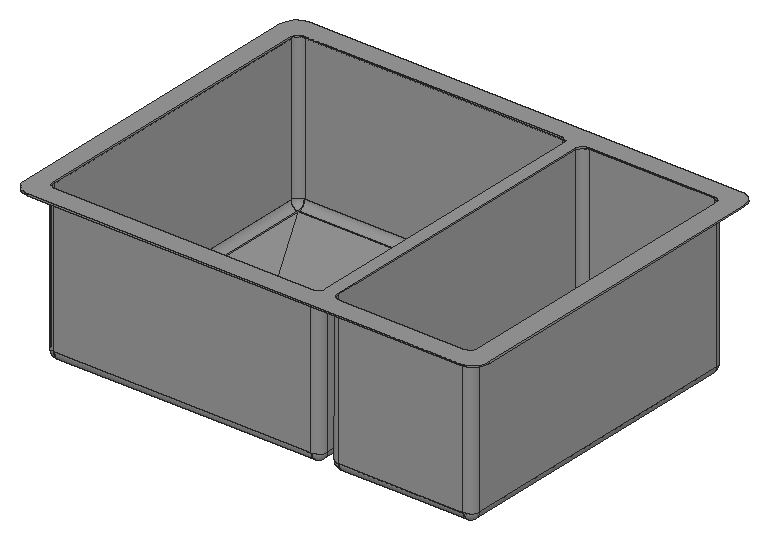
Revit family "BUILDMAT-SNGM010-Clara-595-Gunmetal", category Plumbing Fixtures, host Face, Revit 2020
Family settings
  Host = Face
  Round Connector Dimension = Use Diameter
  Part Type = Normal
  Cut with Voids When Loaded = No
  Shared = No
  Room Calculation Point = No
Parameters (values of type "Clara 595x450x205mm")
  Width 2 = 180.0 mm
  Width 1 = 350.0 mm
  Undermount [instance] = 20.0 mm
  URL = "https://www.buildmat.com.au/products/clara-595x450-single-mini-bowl-sink"
  Sound Pad 2 = no
  Sound Pad 1 = yes
  Model = "SNA00010"  # constant formula
  Material = BUILDMAT Gunmetal
  Manufacturer URL = "https://www.buildmat.com.au/"
  Manufacturer = "BUILDMAT"  # constant formula
  Length = 400.0 mm
  Gap = 15.0 mm
  Drain Sound Pad 2 = no
  Drain Sound Pad 1 = yes
  Description = "BUILDMAT - Clara 595x450 Single & Mini Bowl Sink"  # constant formula
  Depth = 205.0 mm
  Default Elevation = 1200.0 mm
  D. S. Pad 2 = 75.0 mm
  D. S. Pad 1 = 230.0 mm
  D. Bracket 4 = 100.0 mm
  D. Bracket 3 = 25.0 mm
  D. Bracket 2 = 30.0 mm
  D. Bracket 1 = 100.0 mm
  Created By URL = "https://www.buildmat.com.au/"
  Created By = "BUILDMAT"  # constant formula
  Created = "22.06.2022"  # constant formula
  Bracket 4 = yes
  Bracket 3 = no
  Bracket 2 = yes
  Bracket 1 = yes
Reference planes
  plane 1 "Center (Front/Back)": y = 0
  plane 2: z = 0
  plane 3 "Center (Left/Right)": x = 0
  plane 4: x = -7.5
  plane 5: x = 7.5
  plane 6: x = -357.5
  plane 7: x = 187.5
  plane 8: y = -200
  plane 9: y = 200
  plane 10: x = -382.5
  plane 11: x = 212.5
  plane 12: y = -225
  plane 13: y = 225
  plane 14: x = 97.5
  plane 15: x = -182.5
  plane 16: y = 190
  plane 17: y = -190
  plane 18: x = -347.5
  plane 19: x = -17.5
  plane 20: x = 17.5
  plane 21: x = 177.5
  plane 22: y = 201.5
  plane 23: y = -201.5
  plane 24: x = -359
  plane 25: x = -6
  plane 26: x = 6
  plane 27: x = 189
  plane 28: x = -239.5
  plane 29: x = -125.5
  plane 30: x = -137.5
  plane 31: x = -227.5
  plane 32: x = 40.5
  plane 33: x = 52.5
  plane 34: x = 142.5
  plane 35: x = 154.5
  plane 36 "Sound Pad 1": x = -127.5
  plane 37 "Sound Pad 2": x = 112.5
  plane 38 "Top Substrate": z = -20
  plane 39: z = -18.5
  plane 40 "Bottom Void": z = -225
  plane 41: z = -215
  plane 42: z = -205
  plane 43: z = -220
  plane 44: z = -221.481
  plane 45: z = -216.5
  plane 46 "Sound Pad": z = -125
  plane 47 "Bracket 1": x = -257.5
  plane 48 "Bracket 2": x = -37.5
  plane 49 "Bracket 3": x = 32.5
  plane 50 "Bracket 4": x = 87.5
  plane 51: y = 100
  plane 52: y = -100
  plane 53: x = -282.5
  plane 54: x = -82.5
  plane 55: x = -2.5
  plane 56: x = 197.5
  plane 57: z = -185
  plane 58: z = -165
Forms (mm)
  Extrusion 1, void
    sketch origin (0, 0, 0) x (1, 0, 0) y (0, 1, 0)
      loop
        arc (-347.5, 200) -> (-354.571, 197.071) -> (-357.5, 190) r 10
        line (-357.5, 190) -> (-357.5, -190)
        arc (-357.5, -190) -> (-354.571, -197.071) -> (-347.5, -200) r 10
        line (-347.5, -200) -> (177.5, -200)
        arc (177.5, -200) -> (184.571, -197.071) -> (187.5, -190) r 10
        line (187.5, -190) -> (187.5, 190)
        arc (187.5, 190) -> (184.571, 197.071) -> (177.5, 200) r 10
        line (177.5, 200) -> (-347.5, 200)
    from 0 to -18.5
  Extrusion 2, void
    sketch origin (0, 0, 0) x (1, 0, 0) y (0, 1, 0)
      loop
        arc (-362.5, 225) -> (-376.642, 219.142) -> (-382.5, 205) r 20
        line (-382.5, 205) -> (-382.5, -205)
        arc (-382.5, -205) -> (-376.642, -219.142) -> (-362.5, -225) r 20
        line (-362.5, -225) -> (192.5, -225)
        arc (192.5, -225) -> (206.642, -219.142) -> (212.5, -205) r 20
        line (212.5, -205) -> (212.5, 205)
        arc (212.5, 205) -> (206.642, 219.142) -> (192.5, 225) r 20
        line (192.5, 225) -> (-362.5, 225)
    from -20 to -18.5
  Extrusion 3, void
    sketch origin (0, 0, 0) x (1, 0, 0) y (0, 1, 0)
      loop
        line (-359, 201.5) -> (-359, -201.5) -> (189, -201.5) -> (189, 201.5) -> (-359, 201.5)
    from -225 to -20
  Extrusion 4, solid, material "BUILDMAT Gunmetal" <- "Material"
    sketch origin (0, 0, -20) x (-1, 0, 0) y (0, -1, 0)
      loop
        arc (362.5, -225) -> (376.642, -219.142) -> (382.5, -205) r 20
        line (382.5, -205) -> (382.5, 205)
        arc (382.5, 205) -> (376.642, 219.142) -> (362.5, 225) r 20
        line (362.5, 225) -> (-192.5, 225)
        arc (-192.5, 225) -> (-206.642, 219.142) -> (-212.5, 205) r 20
        line (-212.5, 205) -> (-212.5, -205)
        arc (-212.5, -205) -> (-206.642, -219.142) -> (-192.5, -225) r 20
        line (-192.5, -225) -> (362.5, -225)
      loop
        arc (347.5, -200) -> (354.571, -197.071) -> (357.5, -190) r 10
        line (357.5, -190) -> (357.5, 190)
        arc (357.5, 190) -> (354.571, 197.071) -> (347.5, 200) r 10
        line (347.5, 200) -> (17.5, 200)
        arc (17.5, 200) -> (10.429, 197.071) -> (7.5, 190) r 10
        line (7.5, 190) -> (7.5, -190)
        arc (7.5, -190) -> (10.429, -197.071) -> (17.5, -200) r 10
        line (17.5, -200) -> (347.5, -200)
      loop
        line (-7.5, -190) -> (-7.5, 190)
        arc (-7.5, 190) -> (-10.429, 197.071) -> (-17.5, 200) r 10
        line (-17.5, 200) -> (-177.5, 200)
        arc (-177.5, 200) -> (-184.571, 197.071) -> (-187.5, 190) r 10
        line (-187.5, 190) -> (-187.5, -190)
        arc (-187.5, -190) -> (-184.571, -197.071) -> (-177.5, -200) r 10
        line (-177.5, -200) -> (-17.5, -200)
        arc (-17.5, -200) -> (-10.429, -197.071) -> (-7.5, -190) r 10
    from 0 to 1.5
  Extrusion 5, solid, material "BUILDMAT Gunmetal" <- "Material"
    sketch origin (0, 0, -20) x (-1, 0, 0) y (0, -1, 0)
      loop
        arc (347.5, -200) -> (354.571, -197.071) -> (357.5, -190) r 10
        line (357.5, -190) -> (357.5, 190)
        arc (357.5, 190) -> (354.571, 197.071) -> (347.5, 200) r 10
        line (347.5, 200) -> (17.5, 200)
        arc (17.5, 200) -> (10.429, 197.071) -> (7.5, 190) r 10
        line (7.5, 190) -> (7.5, -190)
        arc (7.5, -190) -> (10.429, -197.071) -> (17.5, -200) r 10
        line (17.5, -200) -> (347.5, -200)
      loop
        arc (347.5, -201.5) -> (355.632, -198.132) -> (359, -190) r 11.5
        line (359, -190) -> (359, 190)
        arc (359, 190) -> (355.632, 198.132) -> (347.5, 201.5) r 11.5
        line (347.5, 201.5) -> (17.5, 201.5)
        arc (17.5, 201.5) -> (9.368, 198.132) -> (6, 190) r 11.5
        line (6, 190) -> (6, -190)
        arc (6, -190) -> (9.368, -198.132) -> (17.5, -201.5) r 11.5
        line (17.5, -201.5) -> (347.5, -201.5)
    from 0 to -185
  Extrusion 6, solid, material "BUILDMAT Gunmetal" <- "Material"
    sketch origin (0, 0, -20) x (-1, 0, 0) y (0, -1, 0)
      loop
        arc (-17.5, -200) -> (-10.429, -197.071) -> (-7.5, -190) r 10
        line (-7.5, -190) -> (-7.5, 190)
        arc (-7.5, 190) -> (-10.429, 197.071) -> (-17.5, 200) r 10
        line (-17.5, 200) -> (-177.5, 200)
        arc (-177.5, 200) -> (-184.571, 197.071) -> (-187.5, 190) r 10
        line (-187.5, 190) -> (-187.5, -190)
        arc (-187.5, -190) -> (-184.571, -197.071) -> (-177.5, -200) r 10
        line (-177.5, -200) -> (-17.5, -200)
      loop
        line (-6, -190) -> (-6, 190)
        arc (-6, 190) -> (-9.368, 198.132) -> (-17.5, 201.5) r 11.5
        line (-17.5, 201.5) -> (-177.5, 201.5)
        arc (-177.5, 201.5) -> (-185.632, 198.132) -> (-189, 190) r 11.5
        line (-189, 190) -> (-189, -190)
        arc (-189, -190) -> (-185.632, -198.132) -> (-177.5, -201.5) r 11.5
        line (-177.5, -201.5) -> (-17.5, -201.5)
        arc (-17.5, -201.5) -> (-9.368, -198.132) -> (-6, -190) r 11.5
    from 0 to -185
  Extrusion 7, solid, material "BUILDMAT Gunmetal" <- "Material"
    sketch origin (0, 0, 0) x (1, 0, 0) y (0, 0, 1)
      loop
        line (-357.5, -205) -> (-359, -205)
        arc (-359, -205) -> (-355.632, -213.132) -> (-347.5, -216.5) r 11.5
        line (-347.5, -216.5) -> (-347.5, -215)
        arc (-347.5, -215) -> (-354.571, -212.071) -> (-357.5, -205) r 10
    from -190 to 190
  Extrusion 8, solid, material "BUILDMAT Gunmetal" <- "Material"
    sketch origin (0, 0, 0) x (1, 0, 0) y (0, 0, 1)
      loop
        arc (-7.5, -205) -> (-10.429, -212.071) -> (-17.5, -215) r 10
        line (-17.5, -215) -> (-17.5, -216.5)
        arc (-17.5, -216.5) -> (-9.368, -213.132) -> (-6, -205) r 11.5
        line (-6, -205) -> (-7.5, -205)
    from -190 to 190
  Extrusion 9, solid, material "BUILDMAT Gunmetal" <- "Material"
    sketch origin (0, 0, 0) x (1, 0, 0) y (0, 0, 1)
      loop
        line (7.5, -205) -> (6, -205)
        arc (6, -205) -> (9.368, -213.132) -> (17.5, -216.5) r 11.5
        line (17.5, -216.5) -> (17.5, -215)
        arc (17.5, -215) -> (10.429, -212.071) -> (7.5, -205) r 10
    from -190 to 190
  Extrusion 10, solid, material "BUILDMAT Gunmetal" <- "Material"
    sketch origin (0, 0, 0) x (1, 0, 0) y (0, 0, 1)
      loop
        arc (187.5, -205) -> (184.571, -212.071) -> (177.5, -215) r 10
        line (177.5, -215) -> (177.5, -216.5)
        arc (177.5, -216.5) -> (185.632, -213.132) -> (189, -205) r 11.5
        line (189, -205) -> (187.5, -205)
    from -190 to 190
  Extrusion 11, solid, material "BUILDMAT Gunmetal" <- "Material"
    sketch origin (0, 0, 0) x (0, 1, 0) y (0, 0, 1)
      loop
        line (201.5, -205) -> (200, -205)
        arc (200, -205) -> (197.071, -212.071) -> (190, -215) r 10
        line (190, -215) -> (190, -216.5)
        arc (190, -216.5) -> (198.132, -213.132) -> (201.5, -205) r 11.5
    from 17.5 to 177.5
  Extrusion 12, solid, material "BUILDMAT Gunmetal" <- "Material"
    sketch origin (0, 0, 0) x (0, 1, 0) y (0, 0, 1)
      loop
        line (-200, -205) -> (-201.5, -205)
        arc (-201.5, -205) -> (-198.132, -213.132) -> (-190, -216.5) r 11.5
        line (-190, -216.5) -> (-190, -215)
        arc (-190, -215) -> (-197.071, -212.071) -> (-200, -205) r 10
    from 17.5 to 177.5
  Extrusion 13, solid, material "BUILDMAT Gunmetal" <- "Material"
    sketch origin (0, 0, 0) x (0, 1, 0) y (0, 0, 1)
      loop
        arc (200, -205) -> (197.071, -212.071) -> (190, -215) r 10
        line (190, -215) -> (190, -216.5)
        arc (190, -216.5) -> (198.132, -213.132) -> (201.5, -205) r 11.5
        line (201.5, -205) -> (200, -205)
    from -347.5 to -17.5
  Extrusion 14, solid, material "BUILDMAT Gunmetal" <- "Material"
    sketch origin (0, 0, 0) x (0, 1, 0) y (0, 0, 1)
      loop
        line (-200, -205) -> (-201.5, -205)
        arc (-201.5, -205) -> (-198.132, -213.132) -> (-190, -216.5) r 11.5
        line (-190, -216.5) -> (-190, -215)
        arc (-190, -215) -> (-197.071, -212.071) -> (-200, -205) r 10
    from -347.5 to -17.5
  Revolve 15, solid, material "BUILDMAT Gunmetal" <- "Material"
    sketch origin (-423.435, 190, 4000) x (-1, 0, 0) y (0, 0, 1)
      loop
        arc (-65.935, -4205) -> (-68.864, -4212.071) -> (-75.935, -4215) r 10
        line (-75.935, -4215) -> (-75.935, -4216.5)
        arc (-75.935, -4216.5) -> (-67.804, -4213.132) -> (-64.435, -4205) r 11.5
        line (-64.435, -4205) -> (-65.935, -4205)
      axis (-75.935, -4205) -> (-75.935, -4216.5)
    angle from -90 to 0
  Revolve 16, solid, material "BUILDMAT Gunmetal" <- "Material"
    sketch origin (-423.435, 190, 4000) x (-1, 0, 0) y (0, 0, 1)
      loop
        line (-415.935, -4205) -> (-417.435, -4205)
        arc (-417.435, -4205) -> (-414.067, -4213.132) -> (-405.935, -4216.5) r 11.5
        line (-405.935, -4216.5) -> (-405.935, -4215)
        arc (-405.935, -4215) -> (-413.006, -4212.071) -> (-415.935, -4205) r 10
      axis (-405.935, -4205) -> (-405.935, -4216.5)
    angle from -90 to 0
  Revolve 17, solid, material "BUILDMAT Gunmetal" <- "Material"
    sketch origin (-423.435, 190, 4000) x (-1, 0, 0) y (0, 0, 1)
      loop
        arc (-430.935, -4205) -> (-433.864, -4212.071) -> (-440.935, -4215) r 10
        line (-440.935, -4215) -> (-440.935, -4216.5)
        arc (-440.935, -4216.5) -> (-432.804, -4213.132) -> (-429.435, -4205) r 11.5
        line (-429.435, -4205) -> (-430.935, -4205)
      axis (-440.935, -4205) -> (-440.935, -4216.5)
    angle from -90 to 0
  Revolve 18, solid, material "BUILDMAT Gunmetal" <- "Material"
    sketch origin (-423.435, 190, 4000) x (-1, 0, 0) y (0, 0, 1)
      loop
        line (-610.935, -4205) -> (-612.435, -4205)
        arc (-612.435, -4205) -> (-609.067, -4213.132) -> (-600.935, -4216.5) r 11.5
        line (-600.935, -4216.5) -> (-600.935, -4215)
        arc (-600.935, -4215) -> (-608.006, -4212.071) -> (-610.935, -4205) r 10
      axis (-600.935, -4205) -> (-600.935, -4216.5)
    angle from -90 to 0
  Revolve 19, solid, material "BUILDMAT Gunmetal" <- "Material"
    sketch origin (-423.435, -190, 4000) x (-1, 0, 0) y (0, 0, 1)
      loop
        arc (-65.935, -4205) -> (-68.864, -4212.071) -> (-75.935, -4215) r 10
        line (-75.935, -4215) -> (-75.935, -4216.5)
        arc (-75.935, -4216.5) -> (-67.804, -4213.132) -> (-64.435, -4205) r 11.5
        line (-64.435, -4205) -> (-65.935, -4205)
      axis (-75.935, -4205) -> (-75.935, -4216.5)
    angle from 0 to 90
  Revolve 20, solid, material "BUILDMAT Gunmetal" <- "Material"
    sketch origin (-423.435, -190, 4000) x (-1, 0, 0) y (0, 0, 1)
      loop
        arc (-417.435, -4205) -> (-414.067, -4213.132) -> (-405.935, -4216.5) r 11.5
        line (-405.935, -4216.5) -> (-405.935, -4215)
        arc (-405.935, -4215) -> (-413.006, -4212.071) -> (-415.935, -4205) r 10
        line (-415.935, -4205) -> (-417.435, -4205)
      axis (-405.935, -4205) -> (-405.935, -4216.5)
    angle from 0 to 90
  Revolve 21, solid, material "BUILDMAT Gunmetal" <- "Material"
    sketch origin (-423.435, -190, 4000) x (-1, 0, 0) y (0, 0, 1)
      loop
        line (-429.435, -4205) -> (-430.935, -4205)
        arc (-430.935, -4205) -> (-433.864, -4212.071) -> (-440.935, -4215) r 10
        line (-440.935, -4215) -> (-440.935, -4216.5)
        arc (-440.935, -4216.5) -> (-432.804, -4213.132) -> (-429.435, -4205) r 11.5
      axis (-440.935, -4205) -> (-440.935, -4216.5)
    angle from 0 to 90
  Revolve 22, solid, material "BUILDMAT Gunmetal" <- "Material"
    sketch origin (-423.435, -190, 4000) x (-1, 0, 0) y (0, 0, 1)
      loop
        arc (-612.435, -4205) -> (-609.067, -4213.132) -> (-600.935, -4216.5) r 11.5
        line (-600.935, -4216.5) -> (-600.935, -4215)
        arc (-600.935, -4215) -> (-608.006, -4212.071) -> (-610.935, -4205) r 10
        line (-610.935, -4205) -> (-612.435, -4205)
      axis (-600.935, -4205) -> (-600.935, -4216.5)
    angle from 0 to 90
  Extrusion 23, solid, material "BUILDMAT Gunmetal" <- "Material"
    sketch origin (0, 0, -20) x (-1, 0, 0) y (0, -1, 0)
      loop
        line (17.5, -190) -> (347.5, -190) -> (347.5, 190) -> (17.5, 190) -> (17.5, -190)
    from -196.5 to -195
  Extrusion 24, solid, material "BUILDMAT Gunmetal" <- "Material"
    sketch origin (0, 0, -20) x (-1, 0, 0) y (0, -1, 0)
      loop
        line (-17.5, -190) -> (-17.5, 190) -> (-177.5, 190) -> (-177.5, -190) -> (-17.5, -190)
    from -196.5 to -195
  Blend 25, solid, material "BUILDMAT Gunmetal" <- "Material"
    base sketch origin (0, 0, -20) x (-1, 0, 0) y (0, -1, 0)
      loop
        circle (182.5, 0) r 57
    top sketch origin (0, 0, -20) x (-1, 0, 0) y (0, -1, 0)
      loop
        line (347.5, -190) -> (347.5, 190) -> (17.5, 190) -> (17.5, -190) -> (347.5, -190)
    from -201.481 to -196.5
  Blend 26, solid, material "BUILDMAT Gunmetal" <- "Material"
    base sketch origin (0, 0, -20) x (-1, 0, 0) y (0, -1, 0)
      loop
        circle (-97.5, 0) r 57
    top sketch origin (0, 0, -20) x (-1, 0, 0) y (0, -1, 0)
      loop
        line (-17.5, -190) -> (-17.5, 190) -> (-177.5, 190) -> (-177.5, -190) -> (-17.5, -190)
    from -201.481 to -196.5
  Blend 27, void
    base sketch origin (0, 0, -20) x (-1, 0, 0) y (0, -1, 0)
      loop
        circle (182.5, 0) r 57
    top sketch origin (0, 0, -20) x (-1, 0, 0) y (0, -1, 0)
      loop
        line (347.5, -190) -> (347.5, 190) -> (17.5, 190) -> (17.5, -190) -> (347.5, -190)
    from -200 to -195
  Blend 28, void
    base sketch origin (0, 0, -20) x (-1, 0, 0) y (0, -1, 0)
      loop
        circle (-97.5, 0) r 57
    top sketch origin (0, 0, -20) x (-1, 0, 0) y (0, -1, 0)
      loop
        line (-17.5, -190) -> (-17.5, 190) -> (-177.5, 190) -> (-177.5, -190) -> (-17.5, -190)
    from -200 to -195
  Extrusion 29, void
    sketch origin (0, 0, -225) x (-1, 0, 0) y (0, -1, 0)
      loop
        circle (182.5, 0) r 57
    from 0 to 5
  Extrusion 30, void
    sketch origin (0, 0, -225) x (-1, 0, 0) y (0, -1, 0)
      loop
        circle (-97.5, 0) r 57
    from 0 to 5
  Revolve 31, solid, material "BUILDMAT Gunmetal" <- "Material"
    sketch origin (0, 0, 0) x (1, 0, 0) y (0, 0, 1)
      loop
        spline (-239.5, -220) -> (-239.397, -220.653) -> (-239.091, -221.294) -> (-238.587, -221.913) -> (-237.892, -222.5) -> (-237.02, -223.044) -> (-235.985, -223.536) -> (-234.805, -223.967) -> (-233.5, -224.33) -> (-232.092, -224.619) -> (-230.606, -224.83) -> (-229.066, -224.957) -> (-227.5, -225)
        line (-227.5, -225) -> (-227.5, -223.5)
        spline (-227.5, -223.5) -> (-228.871, -223.47) -> (-230.218, -223.381) -> (-231.518, -223.234) -> (-232.75, -223.031) -> (-233.892, -222.777) -> (-234.925, -222.475) -> (-235.83, -222.131) -> (-236.593, -221.75) -> (-237.201, -221.339) -> (-237.642, -220.906) -> (-237.91, -220.457) -> (-238, -220)
        line (-238, -220) -> (-239.5, -220)
      axis (-182.5, -225) -> (-182.5, -220)
    angle from 0 to 360
  Revolve 32, solid, material "BUILDMAT Gunmetal" <- "Material"
    sketch origin (0, 0, 0) x (1, 0, 0) y (0, 0, 1)
      loop
        line (154.5, -220) -> (153, -220)
        spline (153, -220) -> (152.91, -220.457) -> (152.642, -220.906) -> (152.201, -221.339) -> (151.593, -221.75) -> (150.83, -222.131) -> (149.925, -222.475) -> (148.892, -222.777) -> (147.75, -223.031) -> (146.518, -223.234) -> (145.218, -223.381) -> (143.871, -223.47) -> (142.5, -223.5)
        line (142.5, -223.5) -> (142.5, -225)
        spline (142.5, -225) -> (144.066, -224.957) -> (145.606, -224.83) -> (147.092, -224.619) -> (148.5, -224.33) -> (149.805, -223.967) -> (150.985, -223.536) -> (152.02, -223.044) -> (152.892, -222.5) -> (153.587, -221.913) -> (154.091, -221.294) -> (154.397, -220.653) -> (154.5, -220)
      axis (97.5, -220) -> (97.5, -225)
    angle from 0 to 360
Cuts and joins
  Blend 27, Extrusion 29 cuts Extrusion 23
  Blend 27, Extrusion 29 cuts Blend 25
  joined: Extrusion 23, Blend 25
  Blend 28, Extrusion 30 cuts Extrusion 24
  Blend 28, Extrusion 30 cuts Blend 26
  joined: Extrusion 24, Blend 26
Lines and regions (mm)
  Masking region 1
    outline origin (0, 0, 0) x (1, 0, 0) y (0, 0, 1)
      loop
        line (-357.5, -20) -> (-357.5, -205)
        arc (-357.5, -205) -> (-354.571, -212.071) -> (-347.5, -215) r 10
        line (-347.5, -215) -> (-239.5, -220) -> (-125.5, -220) -> (-17.5, -215)
        arc (-17.5, -215) -> (-10.429, -212.071) -> (-7.5, -205) r 10
        line (-7.5, -205) -> (-7.5, -20) -> (-357.5, -20)
  Masking region 2
    outline origin (0, 0, 0) x (1, 0, 0) y (0, 0, 1)
      loop
        line (7.5, -20) -> (7.5, -205)
        arc (7.5, -205) -> (10.429, -212.071) -> (17.5, -215) r 10
        line (17.5, -215) -> (40.5, -220) -> (154.5, -220) -> (177.5, -215)
        arc (177.5, -215) -> (184.571, -212.071) -> (187.5, -205) r 10
        line (187.5, -205) -> (187.5, -20) -> (7.5, -20)
  Masking region 3, visible <- "Drain Sound Pad 1"
    outline origin (0, 0, 0) x (1, 0, 0) y (0, 0, 1)
      loop
        line (-239.5, -221.481) -> (-282.5, -219.498) -> (-282.5, -225) -> (-239.5, -225) -> (-239.5, -221.481)
  Masking region 4, visible <- "Drain Sound Pad 1"
    outline origin (0, 0, 0) x (1, 0, 0) y (0, 0, 1)
      loop
        line (-125.5, -221.481) -> (-125.5, -225) -> (-82.5, -225) -> (-82.5, -219.498) -> (-125.5, -221.481)
  Masking region 5, visible <- "Drain Sound Pad 2"
    outline origin (0, 0, 0) x (1, 0, 0) y (0, 0, 1)
      loop
        line (-2.5, -212.168) -> (-2.5, -225) -> (40.5, -225) -> (40.5, -221.481) -> (-2.5, -212.168)
  Masking region 6, visible <- "Drain Sound Pad 2"
    outline origin (0, 0, 0) x (1, 0, 0) y (0, 0, 1)
      loop
        line (197.5, -212.168) -> (154.5, -221.481) -> (154.5, -225) -> (197.5, -225) -> (197.5, -212.168)
  Masking region 7
    outline origin (0, 0, 0) x (1, 0, 0) y (0, 0, 1)
      loop
        line (-6, -165) -> (-6, -185) -> (6, -185) -> (6, -165) -> (-6, -165)
Text (mm)
  text "Refer to www.buildmat.com.au for the most current product literature. \nAllow a +/- 5mm tolerance for dimensions shown in the product literature. \nPlease note product details are subject to change due to ongoing product development." at (0.056, -1035.857, 0), in view "Ref. Level"
Dimensions and locks
  equal spacing: plane 4, plane 3 "Center (Left/Right)", plane 5
  "Gap": plane 4 to plane 5
  "Width 1": plane 6 to plane 4
  "Width 2": plane 5 to plane 7
  equal spacing: plane 9, plane 1 "Center (Front/Back)", plane 8
  "Length": plane 8 to plane 9
  locked: plane 10 to plane 6 at 25
  locked: plane 7 to plane 11 at 25
  locked: plane 13 to plane 9 at 25
  locked: plane 8 to plane 12 at 25
  equal spacing: plane 5, plane 14, plane 7
  equal spacing: plane 6, plane 15, plane 4
  locked: plane 9 to plane 16 at 10
  locked: plane 17 to plane 8 at 10
  locked: plane 6 to plane 18 at 10
  locked: plane 19 to plane 4 at 10
  locked: plane 5 to plane 20 at 10
  locked: plane 21 to plane 7 at 10
  locked: plane 8 to plane 23 at 1.5
  locked: plane 22 to plane 9 at 1.5
  locked: plane 24 to plane 6 at 1.5
  locked: plane 4 to plane 25 at 1.5
  locked: plane 26 to plane 5 at 1.5
  locked: plane 7 to plane 27 at 1.5
  plane 28 to plane 15 to plane 29 = 57.0 mm locked, 57.0 mm locked
  plane 31 to plane 15 to plane 30 = 45.0 mm locked, 45.0 mm locked
  plane 32 to plane 14 to plane 35 = 57.0 mm locked, 57.0 mm locked
  plane 33 to plane 14 to plane 34 = 45.0 mm locked, 45.0 mm locked
  locked: plane 39 to plane 38 "Top Substrate" at 1.5
  plane 42 to plane 41 to plane 40 "Bottom Void" = 10.0 mm locked, 10.0 mm locked
  locked: plane 43 to plane 40 "Bottom Void" at 5
  locked: plane 43 to plane 44 at 1.481
  locked: plane 41 to plane 45 at 1.5
  locked: plane 46 "Sound Pad" to plane 40 "Bottom Void" at 100
  "Depth": plane 38 "Top Substrate" to plane 40 "Bottom Void"
  "Undermount": plane 2 to plane 38 "Top Substrate"
  "D. S. Pad 1": plane 36 "Sound Pad 1" to plane 6
  "D. S. Pad 2": plane 7 to plane 37 "Sound Pad 2"
  "D. Bracket 1": plane 47 "Bracket 1" to plane 6
  "D. Bracket 2": plane 4 to plane 48 "Bracket 2"
  "D. Bracket 3": plane 49 "Bracket 3" to plane 5
  "D. Bracket 4": plane 7 to plane 50 "Bracket 4"
  locked: plane 9 to plane 51 at 100
  locked: plane 52 to plane 8 at 100
  plane 54 to plane 15 to plane 53 = 100.0 mm locked, 100.0 mm locked
  plane 56 to plane 14 to plane 55 = 100.0 mm locked, 100.0 mm locked
  plane 58 to plane 57 to plane 42 = 20.0 mm locked, 20.0 mm locked
  aligned and locked: plane 2 to host face
  aligned and locked: level to host face
  aligned and locked: Extrusion 1 sketch curve to plane 9
  aligned and locked: Extrusion 1 sketch curve to plane 6
  aligned and locked: Extrusion 1 sketch curve to plane 7
  aligned and locked: Extrusion 1 sketch curve to plane 8
  aligned and locked: Extrusion 1 to level
  aligned and locked: Extrusion 1 to plane 39
  aligned and locked: Extrusion 2 sketch curve to plane 13
  aligned and locked: Extrusion 2 sketch curve to plane 10
  aligned and locked: Extrusion 2 sketch curve to plane 11
  aligned and locked: Extrusion 2 sketch curve to plane 12
  aligned and locked: Extrusion 2 to plane 38 "Top Substrate"
  aligned and locked: plane 39 to Extrusion 2
  aligned and locked: Extrusion 3 sketch curve to plane 22
  aligned and locked: Extrusion 3 sketch curve to plane 24
  aligned and locked: Extrusion 3 sketch curve to plane 27
  aligned and locked: Extrusion 3 sketch curve to plane 23
  aligned and locked: Extrusion 3 to plane 40 "Bottom Void"
  aligned and locked: plane 38 "Top Substrate" to Extrusion 3
  aligned and locked: Extrusion 4 sketch curve to plane 13
  aligned and locked: Extrusion 4 sketch curve to plane 10
  aligned and locked: Extrusion 4 sketch curve to plane 11
  aligned and locked: Extrusion 4 sketch curve to plane 12
  aligned and locked: Extrusion 4 sketch curve to plane 9  (x2)
  aligned and locked: Extrusion 4 sketch curve to plane 6
  aligned and locked: Extrusion 4 sketch curve to plane 8  (x2)
  aligned and locked: Extrusion 4 sketch curve to plane 4
  aligned and locked: Extrusion 4 sketch curve to plane 5
  aligned and locked: Extrusion 4 sketch curve to plane 7
  aligned and locked: Extrusion 4 to plane 38 "Top Substrate"
  aligned and locked: plane 39 to Extrusion 4
  aligned and locked: Extrusion 5 sketch curve to plane 9
  aligned and locked: Extrusion 5 sketch curve to plane 22
  aligned and locked: Extrusion 5 sketch curve to plane 6
  aligned and locked: Extrusion 5 sketch curve to plane 24
  aligned and locked: Extrusion 5 sketch curve to plane 25
  aligned and locked: Extrusion 5 sketch curve to plane 4
  aligned and locked: Extrusion 5 sketch curve to plane 23
  aligned and locked: Extrusion 5 sketch curve to plane 8
  aligned and locked: Extrusion 5 to plane 42
  aligned and locked: plane 38 "Top Substrate" to Extrusion 5
  aligned and locked: Extrusion 6 sketch curve to plane 9
  aligned and locked: Extrusion 6 sketch curve to plane 7
  aligned and locked: Extrusion 6 sketch curve to plane 8
  aligned and locked: Extrusion 6 sketch curve to plane 5
  aligned and locked: Extrusion 6 sketch curve to plane 26
  aligned and locked: Extrusion 6 sketch curve to plane 27
  aligned and locked: Extrusion 6 sketch curve to plane 22
  aligned and locked: Extrusion 6 sketch curve to plane 23
  aligned and locked: Extrusion 6 to plane 42
  aligned and locked: plane 38 "Top Substrate" to Extrusion 6
  aligned and locked: Extrusion 7 sketch curve to plane 42
  aligned and locked: Extrusion 7 sketch curve to plane 18
  aligned and locked: Extrusion 8 sketch curve to plane 42
  aligned and locked: Extrusion 8 sketch curve to plane 19
  aligned and locked: Extrusion 9 sketch curve to plane 42
  aligned and locked: Extrusion 9 sketch curve to plane 20
  aligned and locked: Extrusion 10 sketch curve to plane 21
  aligned and locked: Extrusion 10 sketch curve to plane 42
  aligned and locked: plane 16 to Extrusion 10
  aligned and locked: plane 16 to Extrusion 9
  aligned and locked: plane 16 to Extrusion 8
  aligned and locked: plane 16 to Extrusion 7
  aligned and locked: Extrusion 10 to plane 17
  aligned and locked: Extrusion 9 to plane 17
  aligned and locked: Extrusion 8 to plane 17
  aligned and locked: Extrusion 7 to plane 17
  aligned and locked: plane 42 to Extrusion 11 sketch curve
  aligned and locked: plane 16 to Extrusion 11 sketch curve
  aligned and locked: plane 17 to Extrusion 12 sketch curve
  aligned and locked: plane 42 to Extrusion 12 sketch curve
  aligned and locked: plane 21 to Extrusion 11
  aligned and locked: plane 21 to Extrusion 12
  aligned and locked: Extrusion 11 to plane 20
  aligned and locked: Extrusion 12 to plane 20
  aligned and locked: plane 16 to Extrusion 13 sketch curve
  aligned and locked: plane 42 to Extrusion 13 sketch curve
  aligned and locked: plane 17 to Extrusion 14 sketch curve
  aligned and locked: plane 42 to Extrusion 14 sketch curve
  aligned and locked: Extrusion 14 to plane 18
  aligned and locked: plane 19 to Extrusion 14
  aligned and locked: Extrusion 13 to plane 18
  aligned and locked: plane 19 to Extrusion 13
  aligned and locked: Revolve 15 sketch curve to plane 18
  aligned and locked: plane 42 to Revolve 15 sketch curve
  aligned and locked: plane 18 to Revolve 15 sketch curve
  aligned and locked: plane 18 to Revolve 15
  aligned and locked: plane 16 to Revolve 15
  aligned and locked: Revolve 16 sketch curve to plane 19
  aligned and locked: plane 19 to Revolve 16 sketch curve
  aligned and locked: plane 42 to Revolve 16 sketch curve
  aligned and locked: Revolve 16 to plane 19
  aligned and locked: plane 16 to Revolve 16
  aligned and locked: Revolve 17 sketch curve to plane 20
  aligned and locked: plane 42 to Revolve 17 sketch curve
  aligned and locked: plane 20 to Revolve 17 sketch curve
  aligned and locked: plane 20 to Revolve 17
  aligned and locked: plane 16 to Revolve 17
  aligned and locked: Revolve 18 sketch curve to plane 21
  aligned and locked: plane 21 to Revolve 18 sketch curve
  aligned and locked: plane 42 to Revolve 18 sketch curve
  aligned and locked: Revolve 18 to plane 21
  aligned and locked: plane 16 to Revolve 18
  aligned and locked: Revolve 19 sketch curve to plane 18
  aligned and locked: plane 42 to Revolve 19 sketch curve
  aligned and locked: plane 18 to Revolve 19 sketch curve
  aligned and locked: Revolve 19 to plane 18
  aligned and locked: plane 17 to Revolve 19
  aligned and locked: Revolve 20 sketch curve to plane 19
  aligned and locked: plane 42 to Revolve 20 sketch curve
  aligned and locked: plane 19 to Revolve 20 sketch curve
  aligned and locked: plane 19 to Revolve 20
  aligned and locked: plane 17 to Revolve 20
  aligned and locked: Revolve 21 sketch curve to plane 20
  aligned and locked: plane 42 to Revolve 21 sketch curve
  aligned and locked: plane 20 to Revolve 21 sketch curve
  aligned and locked: Revolve 21 to plane 20
  aligned and locked: plane 17 to Revolve 21
  aligned and locked: Revolve 22 sketch curve to plane 21
  aligned and locked: plane 42 to Revolve 22 sketch curve
  aligned and locked: plane 21 to Revolve 22 sketch curve
  aligned and locked: plane 17 to Revolve 22
  aligned and locked: plane 21 to Revolve 22
  aligned and locked: Extrusion 23 sketch curve to plane 19
  aligned and locked: Extrusion 23 sketch curve to plane 18
  aligned and locked: Extrusion 23 sketch curve to plane 16
  aligned and locked: Extrusion 23 sketch curve to plane 17
  aligned and locked: Extrusion 23 to plane 45
  aligned and locked: plane 41 to Extrusion 23
  aligned and locked: Extrusion 24 sketch curve to plane 16
  aligned and locked: Extrusion 24 sketch curve to plane 17
  aligned and locked: Extrusion 24 sketch curve to plane 21
  aligned and locked: Extrusion 24 sketch curve to plane 20
  aligned and locked: Extrusion 24 to plane 45
  aligned and locked: plane 41 to Extrusion 24
  aligned and locked: plane 44 to Blend 25
  aligned and locked: plane 45 to Blend 25
  aligned and locked: plane 44 to Blend 26
  aligned and locked: plane 45 to Blend 26
  aligned and locked: Blend 25 sketch curve to plane 16
  aligned and locked: Blend 25 sketch curve to plane 17
  aligned and locked: Blend 25 sketch curve to plane 18
  aligned and locked: Blend 25 sketch curve to plane 19
  aligned and locked: Blend 26 sketch curve to plane 16
  aligned and locked: Blend 26 sketch curve to plane 17
  aligned and locked: Blend 26 sketch curve to plane 21
  aligned and locked: Blend 26 sketch curve to plane 20
  aligned and locked: Blend 27 sketch curve to plane 16
  aligned and locked: Blend 27 sketch curve to plane 17
  aligned and locked: Blend 27 sketch curve to plane 18
  aligned and locked: Blend 27 sketch curve to plane 19
  aligned and locked: Blend 27 to plane 43
  aligned and locked: plane 41 to Blend 27
  aligned and locked: Blend 28 sketch curve to plane 16
  aligned and locked: Blend 28 sketch curve to plane 17
  aligned and locked: Blend 28 sketch curve to plane 21
  aligned and locked: Blend 28 sketch curve to plane 20
  aligned and locked: Blend 28 to plane 43
  aligned and locked: plane 41 to Blend 28
  aligned and locked: Extrusion 29 to plane 40 "Bottom Void"
  aligned and locked: plane 43 to Extrusion 29
  aligned and locked: Extrusion 30 to plane 40 "Bottom Void"
  aligned and locked: plane 43 to Extrusion 30
  aligned and locked: plane 15 to Revolve 31 sketch curve
  aligned and locked: Revolve 31 sketch curve to plane 43
  aligned and locked: plane 31 to Revolve 31 sketch curve
  aligned and locked: Revolve 32 sketch curve to plane 14
  aligned and locked: plane 34 to Revolve 32 sketch curve
  aligned and locked: plane 43 to Revolve 32 sketch curve
  aligned and locked: plane 18 to nested 1
  aligned and locked: plane 19 to nested 1
  aligned and locked: plane 17 to nested 1
  aligned and locked: plane 16 to nested 1
  aligned and locked: plane 20 to nested 2
  aligned and locked: plane 21 to nested 2
  aligned and locked: plane 17 to nested 2
  aligned and locked: plane 16 to nested 2
  aligned and locked: plane 14 to nested 4
  aligned and locked: plane 15 to nested 3
  aligned and locked: plane 1 "Center (Front/Back)" to nested 3
  aligned and locked: plane 1 "Center (Front/Back)" to nested 4
  aligned and locked: plane 51 to nested 5
  aligned and locked: plane 24 to nested 5
  aligned and locked: plane 52 to nested 6
  aligned and locked: plane 24 to nested 6
  aligned and locked: nested 7 to plane 51
  aligned and locked: nested 8 to plane 52
  aligned and locked: nested 8 to plane 27
  aligned and locked: nested 7 to plane 27
  aligned and locked: nested 13 to plane 47 "Bracket 1"
  aligned and locked: nested 14 to plane 48 "Bracket 2"
  aligned and locked: plane 23 to nested 13
  aligned and locked: plane 23 to nested 14
  aligned and locked: nested 15 to plane 49 "Bracket 3"
  aligned and locked: plane 23 to nested 15
  aligned and locked: nested 16 to plane 50 "Bracket 4"
  aligned and locked: plane 23 to nested 16
  aligned and locked: plane 47 "Bracket 1" to nested 9
  aligned and locked: nested 9 to plane 22
  aligned and locked: plane 48 "Bracket 2" to nested 10
  aligned and locked: nested 10 to plane 22
  aligned and locked: plane 49 "Bracket 3" to nested 11
  aligned and locked: plane 50 "Bracket 4" to nested 12
  aligned and locked: nested 12 to plane 22
  aligned and locked: nested 11 to plane 22
  aligned and locked: Masking region 1 sketch curve to plane 38 "Top Substrate"
  aligned and locked: Masking region 1 sketch curve to plane 6
  aligned and locked: Masking region 1 sketch curve to plane 4
  aligned and locked: Masking region 1 sketch curve to Extrusion 7
  aligned and locked: Masking region 1 sketch curve to Extrusion 8
  aligned and locked: Masking region 1 sketch curve to plane 43
  aligned and locked: Masking region 1 sketch curve to cut or joined group of Extrusion 23, Blend 25, Blend 27, Extrusion 29  (x2)
  aligned and locked: Masking region 2 sketch curve to plane 38 "Top Substrate"
  aligned and locked: Masking region 2 sketch curve to plane 43
  aligned and locked: Masking region 2 sketch curve to plane 7
  aligned and locked: Masking region 2 sketch curve to plane 5
  aligned and locked: Masking region 2 sketch curve to Extrusion 9
  aligned and locked: Masking region 2 sketch curve to cut or joined group of Extrusion 24, Blend 26, Blend 28, Extrusion 30  (x2)
  aligned and locked: Masking region 2 sketch curve to Extrusion 10
  aligned and locked: nested 17 to plane 38 "Top Substrate"
  aligned and locked: plane 47 "Bracket 1" to nested 17
  aligned and locked: nested 18 to plane 38 "Top Substrate"
  aligned and locked: plane 48 "Bracket 2" to nested 18
  aligned and locked: nested 20 to plane 38 "Top Substrate"
  aligned and locked: plane 50 "Bracket 4" to nested 20
  aligned and locked: nested 19 to plane 38 "Top Substrate"
  aligned and locked: plane 49 "Bracket 3" to nested 19
  aligned and locked: nested 21 to plane 46 "Sound Pad"
  aligned and locked: plane 36 "Sound Pad 1" to nested 21
  aligned and locked: nested 22 to plane 46 "Sound Pad"
  aligned and locked: plane 37 "Sound Pad 2" to nested 22
  aligned and locked: Masking region 3 sketch curve to plane 28
  aligned and locked: cut or joined group of Extrusion 23, Blend 25, Blend 27, Extrusion 29 to Masking region 3 sketch curve
  aligned and locked: Masking region 3 sketch curve to plane 40 "Bottom Void"
  aligned and locked: Masking region 3 sketch curve to plane 53
  aligned and locked: Masking region 4 sketch curve to plane 29
  aligned and locked: Masking region 4 sketch curve to plane 54
  aligned and locked: Masking region 4 sketch curve to plane 40 "Bottom Void"
  aligned and locked: Masking region 4 sketch curve to cut or joined group of Extrusion 23, Blend 25, Blend 27, Extrusion 29
  aligned and locked: Masking region 5 sketch curve to cut or joined group of Extrusion 24, Blend 26, Blend 28, Extrusion 30
  aligned and locked: Masking region 5 sketch curve to plane 55
  aligned and locked: Masking region 5 sketch curve to plane 32
  aligned and locked: Masking region 5 sketch curve to plane 40 "Bottom Void"
  aligned and locked: Masking region 6 sketch curve to plane 56
  aligned and locked: Masking region 6 sketch curve to plane 35
  aligned and locked: Masking region 6 sketch curve to cut or joined group of Extrusion 24, Blend 26, Blend 28, Extrusion 30
  aligned and locked: Masking region 6 sketch curve to plane 40 "Bottom Void"
  aligned and locked: Masking region 7 sketch curve to plane 58
  aligned and locked: Masking region 7 sketch curve to plane 57
  aligned and locked: Masking region 7 sketch curve to plane 25
  aligned and locked: Masking region 7 sketch curve to plane 26
Automatic sketch dimensions
  host sketch curve to host sketch curve = 2438.4 mm  (x2)
  Extrusion 1 sketch curve to plane 17 = 0.0 mm
  Extrusion 1 sketch curve to plane 18 = 0.0 mm
  Extrusion 1 sketch curve to plane 21 = 0.0 mm
  Extrusion 1 sketch curve to plane 16 = 0.0 mm
  Extrusion 2 sketch curve to plane 24 = 3.5 mm
  Extrusion 2 sketch curve to plane 23 = 3.5 mm
  plane 22 to Extrusion 2 sketch curve = 3.5 mm
  plane 27 to Extrusion 2 sketch curve = 3.5 mm
  Extrusion 4 sketch curve to plane 21 = 0.0 mm
  Extrusion 4 sketch curve to plane 16 = 0.0 mm  (x2)
  Extrusion 4 sketch curve to plane 20 = 0.0 mm
  Extrusion 4 sketch curve to plane 19 = 0.0 mm  (x2)
  Extrusion 4 sketch curve to plane 18 = 0.0 mm  (x2)
  plane 27 to Extrusion 4 sketch curve = 3.5 mm  (x2)
  Extrusion 4 sketch curve to plane 24 = 3.5 mm
  plane 22 to Extrusion 4 sketch curve = 3.5 mm
  Extrusion 5 sketch curve to plane 19 = 0.0 mm
  Extrusion 5 sketch curve to plane 18 = 0.0 mm  (x2)
  Extrusion 5 sketch curve to plane 17 = 0.0 mm
  Extrusion 5 sketch curve to Extrusion 5 sketch curve = 0.0 mm  (x4)
  Extrusion 6 sketch curve to plane 21 = 0.0 mm
  Extrusion 6 sketch curve to plane 20 = 0.0 mm  (x2)
  Extrusion 6 sketch curve to plane 16 = 0.0 mm
  Extrusion 6 sketch curve to Extrusion 6 sketch curve = 0.0 mm  (x4)
  Extrusion 7 sketch curve to plane 6 = 0.0 mm
  Extrusion 7 sketch curve to plane 45 = 0.0 mm
  Extrusion 8 sketch curve to plane 4 = 0.0 mm
  Extrusion 8 sketch curve to plane 45 = 0.0 mm
  Extrusion 9 sketch curve to plane 5 = 0.0 mm
  Extrusion 9 sketch curve to plane 45 = 0.0 mm
  Extrusion 10 sketch curve to plane 7 = 0.0 mm
  Extrusion 10 sketch curve to plane 45 = 0.0 mm
  Extrusion 11 sketch curve to plane 9 = 0.0 mm
  Extrusion 11 sketch curve to plane 45 = 0.0 mm
  Extrusion 12 sketch curve to plane 8 = 0.0 mm
  Extrusion 12 sketch curve to plane 45 = 0.0 mm
  Extrusion 13 sketch curve to plane 9 = 0.0 mm
  Extrusion 13 sketch curve to plane 45 = 0.0 mm
  Extrusion 14 sketch curve to plane 8 = 0.0 mm
  Extrusion 14 sketch curve to plane 45 = 0.0 mm
  Revolve 15 sketch curve to plane 6 = 0.0 mm
  Revolve 15 sketch curve to plane 45 = 0.0 mm  (x2)
  Revolve 15 sketch curve to plane 42 = 0.0 mm
  Revolve 16 sketch curve to plane 4 = 0.0 mm
  Revolve 16 sketch curve to plane 45 = 0.0 mm  (x2)
  Revolve 16 sketch curve to plane 42 = 0.0 mm
  Revolve 17 sketch curve to plane 5 = 0.0 mm
  Revolve 17 sketch curve to plane 45 = 0.0 mm  (x2)
  Revolve 17 sketch curve to plane 42 = 0.0 mm
  Revolve 18 sketch curve to plane 7 = 0.0 mm
  Revolve 18 sketch curve to plane 45 = 0.0 mm  (x2)
  Revolve 18 sketch curve to plane 42 = 0.0 mm
  Revolve 19 sketch curve to plane 6 = 0.0 mm
  Revolve 19 sketch curve to plane 45 = 0.0 mm  (x2)
  Revolve 19 sketch curve to plane 42 = 0.0 mm
  Revolve 20 sketch curve to plane 4 = 0.0 mm
  Revolve 20 sketch curve to plane 45 = 0.0 mm  (x2)
  Revolve 20 sketch curve to plane 42 = 0.0 mm
  Revolve 21 sketch curve to plane 5 = 0.0 mm
  Revolve 21 sketch curve to plane 45 = 0.0 mm  (x2)
  Revolve 21 sketch curve to plane 42 = 0.0 mm
  Revolve 22 sketch curve to plane 7 = 0.0 mm
  Revolve 22 sketch curve to plane 45 = 0.0 mm  (x2)
  Revolve 22 sketch curve to plane 42 = 0.0 mm
  plane 1 "Center (Front/Back)" to Blend 25 sketch curve = 0.0 mm
  Blend 25 sketch curve to plane 15 = 0.0 mm
  plane 1 "Center (Front/Back)" to Blend 26 sketch curve = 0.0 mm
  Blend 26 sketch curve to plane 14 = 0.0 mm
  plane 1 "Center (Front/Back)" to Blend 27 sketch curve = 0.0 mm
  Blend 27 sketch curve to plane 15 = 0.0 mm
  plane 1 "Center (Front/Back)" to Blend 28 sketch curve = 0.0 mm
  Blend 28 sketch curve to plane 14 = 0.0 mm
  plane 1 "Center (Front/Back)" to Extrusion 29 sketch curve = 0.0 mm
  Extrusion 29 sketch curve to plane 15 = 0.0 mm
  plane 1 "Center (Front/Back)" to Extrusion 30 sketch curve = 0.0 mm
  Extrusion 30 sketch curve to plane 14 = 0.0 mm
  Revolve 31 sketch curve to plane 28 = 0.0 mm
  Revolve 31 sketch curve to plane 40 "Bottom Void" = 0.0 mm
  Revolve 31 sketch curve to plane 42 = 0.0 mm
  plane 28 to Revolve 31 sketch curve = 1.5 mm
  Revolve 31 sketch curve to Revolve 31 sketch curve = 1.5 mm
  plane 40 "Bottom Void" to Revolve 31 sketch curve = 0.0 mm
  Revolve 32 sketch curve to plane 35 = 0.0 mm
  Revolve 32 sketch curve to plane 40 "Bottom Void" = 0.0 mm
  Revolve 32 sketch curve to plane 42 = 0.0 mm
  Revolve 32 sketch curve to Revolve 32 sketch curve = 1.5 mm  (x2)
  plane 40 "Bottom Void" to Revolve 32 sketch curve = 0.0 mm
  radius of Blend 25 sketch curve = 57.0 mm
  radius of Blend 26 sketch curve = 57.0 mm
  radius of Blend 27 sketch curve = 57.0 mm
  radius of Blend 28 sketch curve = 57.0 mm
  radius of Extrusion 29 sketch curve = 57.0 mm
  radius of Extrusion 30 sketch curve = 57.0 mm
Nested families
  nested 1: "BOWL Plan" at (-182.5, 0, -125), type "BOWL Plan"
    with Width 330.0 mm, Lenght 380.0 mm
  nested 2: "BOWL Plan" at (97.5, 0, -125), type "BOWL Plan"
    with Width 160.0 mm, Lenght 380.0 mm
  nested 3: "DRAIN" at (-182.5, 0, -20), type "DRAIN"
  nested 4: "DRAIN" at (97.5, 0, -20), type "DRAIN"
  nested 5: "TMB_Plan" at (-359, 100, -225) x (0, 1, 0) z (0, 0, 1), type "TMB_Plan"
  nested 6: "TMB_Plan" at (-359, -100, -225) x (0, 1, 0) z (0, 0, 1), type "TMB_Plan"
  nested 7: "TMB_Plan" at (189, 100, -225) x (0, -1, 0) z (0, 0, 1), type "TMB_Plan"
  nested 8: "TMB_Plan" at (189, -100, -225) x (0, -1, 0) z (0, 0, 1), type "TMB_Plan"
  nested 9: "TMB_Plan" at (-257.5, 201.5, -225), visible <- "Bracket 1", type "TMB_Plan"
  nested 10: "TMB_Plan" at (-37.5, 201.5, -225), visible <- "Bracket 2", type "TMB_Plan"
  nested 11: "TMB_Plan" at (32.5, 201.5, -225), visible <- "Bracket 3", type "TMB_Plan"
  nested 12: "TMB_Plan" at (87.5, 201.5, -225), visible <- "Bracket 4", type "TMB_Plan"
  nested 13: "TMB_Plan" at (-257.5, -201.5, -225) x (-1, 0, 0) z (0, 0, 1), visible <- "Bracket 1", type "TMB_Plan"
  nested 14: "TMB_Plan" at (-37.5, -201.5, -225) x (-1, 0, 0) z (0, 0, 1), visible <- "Bracket 2", type "TMB_Plan"
  nested 15: "TMB_Plan" at (32.5, -201.5, -225) x (-1, 0, 0) z (0, 0, 1), visible <- "Bracket 3", type "TMB_Plan"
  nested 16: "TMB_Plan" at (87.5, -201.5, -225) x (-1, 0, 0) z (0, 0, 1), visible <- "Bracket 4", type "TMB_Plan"
  nested 17: "TMB_Front" at (-257.5, 0, -20) x (1, 0, 0) z (0, -1, 0), visible <- "Bracket 1", type "TMB_Front"
  nested 18: "TMB_Front" at (-37.5, 0, -20) x (1, 0, 0) z (0, -1, 0), visible <- "Bracket 2", type "TMB_Front"
  nested 19: "TMB_Front" at (32.5, 0, -20) x (1, 0, 0) z (0, -1, 0), visible <- "Bracket 3", type "TMB_Front"
  nested 20: "TMB_Front" at (87.5, 0, -20) x (1, 0, 0) z (0, -1, 0), visible <- "Bracket 4", type "TMB_Front"
  nested 21: "SP_Front" at (-127.5, 0, -125) x (1, 0, 0) z (0, -1, 0), visible <- "Sound Pad 1", type "SP_Front"
  nested 22: "SP_Front" at (112.5, 0, -125) x (1, 0, 0) z (0, -1, 0), visible <- "Sound Pad 2", type "SP_Front"
Definition of nested family "BOWL Plan"
  Parameters (values of type "BOWL Plan")
    Width [instance] = 600.0 mm
    Lenght [instance] = 400.0 mm
  Reference planes
    plane 1 "Center (Front/Back)": y = 0
    plane 2: z = 0
    plane 3 "Center (Left/Right)": x = 0
    plane 4 "Left": x = -300
    plane 5 "Right": x = 300
    plane 6 "Back": y = 200
    plane 7 "Front": y = -200
  Lines and regions (mm)
    Masking region 1, in view "Ref. Level"
      outline origin (0, 0, 0) x (1, 0, 0) y (0, 1, 0)
        loop
          line (-300, 200) -> (-300, -200) -> (300, -200) -> (300, 200) -> (-300, 200)
    detail lines, in view "Ref. Level"
      curve 1: line (-300, 200, 0) -> (300, -200, 0)
      curve 2: line (-300, -200, 0) -> (300, 200, 0)
  Dimensions and locks
    equal spacing: plane 6 "Back", plane 1 "Center (Front/Back)", plane 7 "Front"
    "Lenght": plane 6 "Back" to plane 7 "Front"
    equal spacing: plane 4 "Left", plane 3 "Center (Left/Right)", plane 5 "Right"
    "Width": plane 4 "Left" to plane 5 "Right"
    aligned and locked: plane 4 "Left" to Masking region 1 sketch curve
    aligned and locked: Masking region 1 sketch curve to plane 5 "Right"
    aligned and locked: plane 7 "Front" to Masking region 1 sketch curve
    aligned and locked: Masking region 1 sketch curve to plane 6 "Back"
  Automatic sketch dimensions
    curve 2 to plane 4 "Left" = 0.0 mm
    curve 1 to plane 4 "Left" = 0.0 mm
    curve 2 to plane 5 "Right" = 0.0 mm
    curve 1 to plane 5 "Right" = 0.0 mm
    curve 1 to plane 7 "Front" = 0.0 mm
    curve 2 to plane 7 "Front" = 0.0 mm
    curve 2 to plane 6 "Back" = 0.0 mm
    curve 1 to plane 6 "Back" = 0.0 mm
Definition of nested family "DRAIN"
  Reference planes
    plane 1 "Center (Front/Back)": y = 0
    plane 2: z = 0
    plane 3 "Center (Left/Right)": x = 0
  Lines and regions (mm)
    Masking region 1, in view "Ref. Level"
      outline origin (0, 0, 0) x (1, 0, 0) y (0, 1, 0)
        loop
          circle (0, 0) r 57
    detail lines, in view "Ref. Level"
      curve 1: circle (0, 0, 0) r 45 normal (0, 0, 1)
      curve 2: circle (0, 0, 0) r 55.5 normal (0, 0, 1)
Definition of nested family "TMB_Plan"
  Reference planes
    plane 1 "Center (Front/Back)": y = 0
    plane 2: z = 0
    plane 3 "Center (Left/Right)": x = 0
  Lines and regions (mm)
    detail lines, in view "Ref. Level"
      curve 1: line (-17.5, 0, 0) -> (17.5, 0, 0)
      curve 2: line (17.5, 0, 0) -> (17.5, 5, 0)
      curve 3: line (17.5, 5, 0) -> (12.5, 5, 0)
      curve 4: line (-17.5, 0, 0) -> (-17.5, 5, 0)
      curve 5: line (-17.5, 5, 0) -> (-12.5, 5, 0)
Definition of nested family "TMB_Front"
  Reference planes
    plane 1 "Center (Elevation)": y = 0
    plane 2: z = 0
    plane 3 "Center (Left/Right)": x = 0
  Lines and regions (mm)
    Masking region 1, in view "Ref. Level"
      outline origin (0, 0, 0) x (1, 0, 0) y (0, 1, 0)
        loop
          line (-17.5, 0) -> (-17.5, -80) -> (17.5, -80) -> (17.5, 0) -> (-17.5, 0)
    detail lines, in view "Ref. Level"
      curve 1: line (-17.5, 0, 0) -> (-17.5, -80, 0)
      curve 2: line (-17.5, -80, 0) -> (17.5, -80, 0)
      curve 3: line (17.5, -80, 0) -> (17.5, 0, 0)
      curve 4: line (-12.5, -50, 0) -> (12.5, -50, 0)
      curve 5: line (-12.5, -75, 0) -> (-12.5, -50, 0)
      curve 6: line (12.5, -75, 0) -> (-12.5, -75, 0)
      curve 7: line (12.5, -50, 0) -> (12.5, -75, 0)
Definition of nested family "SP_Front"
  Reference planes
    plane 1 "Center (Elevation)": y = 0
    plane 2: z = 0
    plane 3 "Center (Left/Right)": x = 0
  Lines and regions (mm)
    Masking region 1, in view "Ref. Level"
      outline origin (0, 0, 0) x (1, 0, 0) y (0, 1, 0)
        loop
          arc (-50, 40) -> (-57.071, 37.071) -> (-60, 30) r 10
          line (-60, 30) -> (-60, -30)
          arc (-60, -30) -> (-57.071, -37.071) -> (-50, -40) r 10
          line (-50, -40) -> (50, -40)
          arc (50, -40) -> (57.071, -37.071) -> (60, -30) r 10
          line (60, -30) -> (60, 30)
          arc (60, 30) -> (57.071, 37.071) -> (50, 40) r 10
          line (50, 40) -> (-50, 40)
    detail lines, in view "Ref. Level"
      curve 1: line (-50, 40, 0) -> (50, 40, 0)
      curve 2: line (50, -40, 0) -> (-50, -40, 0)
      curve 3: line (60, 30, 0) -> (60, -30, 0)
      curve 4: line (-60, 30, 0) -> (-60, -30, 0)
      curve 5: arc (-50, 40, 0) -> (-57.071, 37.071, 0) -> (-60, 30, 0) r 10
      curve 6: arc (-60, -30, 0) -> (-57.071, -37.071, 0) -> (-50, -40, 0) r 10
      curve 7: arc (50, -40, 0) -> (57.071, -37.071, 0) -> (60, -30, 0) r 10
      curve 8: arc (60, 30, 0) -> (57.071, 37.071, 0) -> (50, 40, 0) r 10
  Dimensions and locks
    aligned and locked: Masking region 1 sketch curve to curve 1
    aligned and locked: Masking region 1 sketch curve to curve 4
    aligned and locked: Masking region 1 sketch curve to curve 2
    aligned and locked: Masking region 1 sketch curve to curve 3
